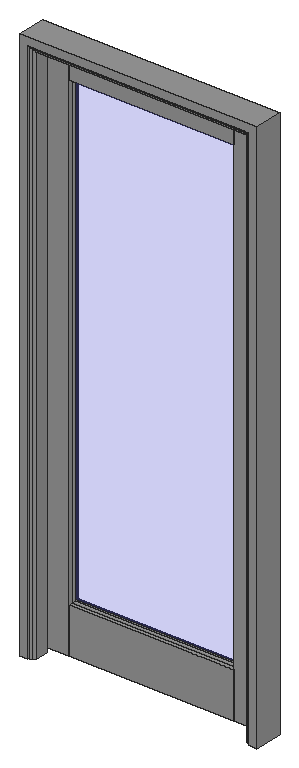
Revit family "IG1 813", category Doors, host Wall, Revit 2013
Parameters (values of type "IG1 813")
  Function = Interior
  Frame Projection Ext. = 25 mm
  Frame Projection Int. = 25 mm
  Frame Width = 75 mm
  Height = 2090 mm
  Wall Closure = By host
  Width = 889 mm
Reference planes
  plane 1: y = 0
  plane 2 "Center (Left/Right)": x = 0
  plane 3 "Left": x = -444.5
  plane 4 "Right": x = 444.5
  plane 5: z = 2090
  plane 6 "Exterior": y = 75
  plane 7 "Interior": y = -75
Forms (mm)
  Sweep 1, solid, material "Lauan, Meranti"
    path origin (0, 75, 0) x (1, 0, 0) y (0, 0, 1)
      loop
        line (444.5, 0) -> (444.5, 2090) -> (-444.5, 2090) -> (-444.5, 0)
    profile "Van Acht 105x50 Door Frame Routed Profile (Heavy) : Van Acht 105x50 Door Frame Routed Profile (Heavy)" origin (444.5, 75, 1045) x (-1, 0, 0) y (0, -1, 0)
      loop
        line (0, 22.5) -> (38, 22.5) -> (38, 67.5) -> (50, 67.5) -> (50, 112.5)
        arc (50, 112.5) -> (44.957, 114.29) -> (42.17, 118.859) r 8
        line (42.17, 118.859) -> (39, 118.859)
        arc (39, 118.859) -> (35.311, 122.973) -> (30, 124.5) r 10
        line (30, 124.5) -> (30, 127.5) -> (0, 127.5) -> (0, 22.5)
  Extrusion 2, solid, material "Lauan, Meranti"
    sketch origin (0, -85, 0) x (0, 1, 0) y (0, 0, 1)
      loop
        line (132.5, 20) -> (132.5, 191) -> (130.5, 191)
        arc (130.5, 191) -> (128.866, 195.67) -> (124.5, 198) r 6.807
        line (124.5, 198) -> (124.5, 200) -> (122.5, 200) -> (122.5, 191) -> (92.5, 191) -> (92.5, 20) -> (132.5, 20)
      loop
        line (130.5, 1956) -> (132.5, 1956) -> (132.5, 2052) -> (92.5, 2052) -> (92.5, 1956) -> (122.5, 1956) -> (122.5, 1947) -> (124.5, 1947) -> (124.5, 1949)
        arc (124.5, 1949) -> (128.866, 1951.33) -> (130.5, 1956) r 6.807
    from -310.5 to 310.5
  Extrusion 3, solid, material "Lauan, Meranti"
    sketch origin (0, 0, 0) x (1, 0, 0) y (0, 1, 0)
      loop
        line (-406.5, 47.5) -> (-406.5, 7.5) -> (-310.5, 7.5) -> (-310.5, 37.5) -> (-301.5, 37.5) -> (-301.5, 39.5) -> (-303.5, 39.5)
        arc (-303.5, 39.5) -> (-305.765, 43.94) -> (-310.5, 45.5) r 6.549
        line (-310.5, 45.5) -> (-310.5, 47.5) -> (-406.5, 47.5)
      loop
        line (406.5, 47.5) -> (310.5, 47.5) -> (310.5, 45.5)
        arc (310.5, 45.5) -> (305.765, 43.94) -> (303.5, 39.5) r 6.549
        line (303.5, 39.5) -> (301.5, 39.5) -> (301.5, 37.5) -> (310.5, 37.5) -> (310.5, 7.5) -> (406.5, 7.5) -> (406.5, 47.5)
    from 20 to 2052
  Extrusion 4, solid, material "Glass"
    sketch origin (0, -75, 0) x (1, 0, 0) y (0, 0, 1)
      loop
        line (-310.5, 1956) -> (-310.5, 191) -> (310.5, 191) -> (310.5, 1956) -> (-310.5, 1956)
    from -112.5 to -106.1
  Sweep 5, solid, material "Lauan, Meranti"
    path origin (135.955, -75, -136) x (1, 0, 0) y (0, 0, 1)
      loop
        line (-446.455, 2092) -> (-446.455, 327) -> (174.545, 327) -> (174.545, 2092) -> (-446.455, 2092)
    profile origin (0, -75, 1956) x (0, 0, 1) y (0, -1, 0)
      loop
        line (-9, -106.1) -> (0, -106.1) -> (0, -98.1)
        arc (0, -98.1) -> (-4.67, -99.734) -> (-7, -104.1) r 6.807
        line (-7, -104.1) -> (-9, -104.1) -> (-9, -106.1)
Lines and regions (mm)
  Opening 1
    outline origin (-3050, -75, 0) x (1, 0, 0) y (0, 0, 1)
      loop
        line (2605.5, 0) -> (3494.5, 0) -> (3494.5, 2090) -> (2605.5, 2090) -> (2605.5, 0)
  symbolic lines, style "Elevation Swing"
    curve 1: line (444.5, -75, 1045) -> (-444.5, -75, 2090)
    curve 2: line (444.5, -75, 1045) -> (-444.5, -75, 0)
  model lines
    curve 3: line (406.5, 52.5, 0) -> (406.5, 865.5, 0)
    curve 4: arc (-406.5, 52.5, 0) -> (-168.378, 627.378, 0) -> (406.5, 865.5, 0) r 813
Text (mm)
  text "Exterior" at (-2295.016, 1099.543, 0), in view "Ref. Level"
  text "Exterior" at (0, 1615.38, 3698.081), in view "Left"
  text "Exterior" at (0, 1036.032, 3874.932), in view "Right"
Dimensions and locks
  equal spacing: plane 3 "Left", plane 2 "Center (Left/Right)", plane 4 "Right"
  "Width": plane 3 "Left" to plane 4 "Right"
  "Height": plane 5 to host wall
  equal spacing: host wall, curve 2, plane 5
  host wall to plane 5 = 2090 mm
  locked: plane 6 "Exterior" to host wall at 0
  locked: plane 7 "Interior" to host wall
  plane 3 "Left" to plane 4 "Right" = 889 mm
  Sweep 1 to Sweep 1 = 813 mm
  aligned and locked: plane 3 "Left" to Opening 1 sketch curve
  aligned and locked: plane 5 to Opening 1 sketch curve  (x2)
  aligned and locked: Opening 1 sketch curve to plane 4 "Right"
  aligned and locked: Opening 1 sketch curve to level
  aligned and locked: plane 5 to curve 1
  aligned and locked: plane 3 "Left" to curve 2
  aligned and locked: plane 1 to host wall
  aligned and locked: plane 3 "Left" to curve 1
Automatic sketch dimensions
  plane 4 "Right" to curve 2 = 0 mm
  curve 2 to level = 0 mm
  plane 3 "Left" to Sweep 1 sketch curve = 0 mm
  plane 4 "Right" to Sweep 1 sketch curve = 0 mm
  Sweep 1 sketch curve to plane 5 = 0 mm
  Sweep 1 sketch curve to level = 0 mm  (x2)
  Extrusion 2 sketch curve to host wall = 7.5 mm  (x2)
  level to Extrusion 2 sketch curve = 20 mm
  Extrusion 2 sketch curve to Extrusion 2 sketch curve = 30 mm  (x2)
  Extrusion 2 sketch curve to Extrusion 2 sketch curve = 2 mm  (x4)
  Extrusion 2 sketch curve to Extrusion 2 sketch curve = 8 mm  (x2)
  Extrusion 2 sketch curve to host wall = 27.5 mm  (x2)
  Extrusion 2 sketch curve to Extrusion 2 sketch curve = 1.197 mm  (x2)
  Extrusion 2 sketch curve to Extrusion 2 sketch curve = 171 mm
  Extrusion 2 sketch curve to Extrusion 2 sketch curve = 0 mm
  Extrusion 2 sketch curve to Extrusion 2 sketch curve = 7 mm  (x2)
  plane 5 to Extrusion 2 sketch curve = 143 mm
  Extrusion 2 sketch curve to Extrusion 2 sketch curve = 0.241 mm
  plane 5 to Extrusion 2 sketch curve = 38 mm
  plane 4 "Right" to curve 3 = 38 mm
  host wall to curve 3 = 790.5 mm
  curve 4 to host wall = 22.5 mm
  curve 3 to curve 4 = 0 mm
  Extrusion 3 sketch curve to host wall = 7.5 mm  (x2)
  Extrusion 3 sketch curve to plane 3 "Left" = 38 mm
  Extrusion 3 sketch curve to host wall = 37.5 mm  (x2)
  Extrusion 3 sketch curve to Extrusion 3 sketch curve = 96 mm
  Extrusion 3 sketch curve to Extrusion 3 sketch curve = 0 mm
  Extrusion 3 sketch curve to Extrusion 3 sketch curve = 7 mm  (x2)
  Extrusion 3 sketch curve to Extrusion 3 sketch curve = 2 mm  (x5)
  plane 4 "Right" to Extrusion 3 sketch curve = 143 mm
  Extrusion 3 sketch curve to Extrusion 3 sketch curve = 9 mm
  plane 4 "Right" to Extrusion 3 sketch curve = 38 mm
  Extrusion 3 sketch curve to Extrusion 3 sketch curve = 0.473 mm  (x2)
  Extrusion 3 sketch curve to Extrusion 3 sketch curve = 8 mm  (x2)
  Extrusion 3 sketch curve to host wall = 27.5 mm
  Extrusion 4 sketch curve to plane 3 "Left" = 134 mm
  level to Extrusion 4 sketch curve = 191 mm
  plane 4 "Right" to Extrusion 4 sketch curve = 134 mm
  plane 5 to Extrusion 4 sketch curve = 134 mm
  profile plane to Sweep 5 sketch curve = 0 mm
  profile plane to Sweep 5 sketch curve = 9 mm
  Sweep 5 sketch curve to plane 7 "Interior" = 106.1 mm
  Sweep 5 sketch curve to Sweep 5 sketch curve = 2 mm  (x2)
  profile plane to Sweep 5 sketch curve = 0.241 mm
  Sweep 5 sketch curve to Sweep 5 sketch curve = 8 mm
  Sweep 5 sketch curve to plane 3 "Left" = 134 mm
  level to Sweep 5 sketch curve = 191 mm
  plane 4 "Right" to Sweep 5 sketch curve = 134 mm
  plane 5 to Sweep 5 sketch curve = 134 mm
